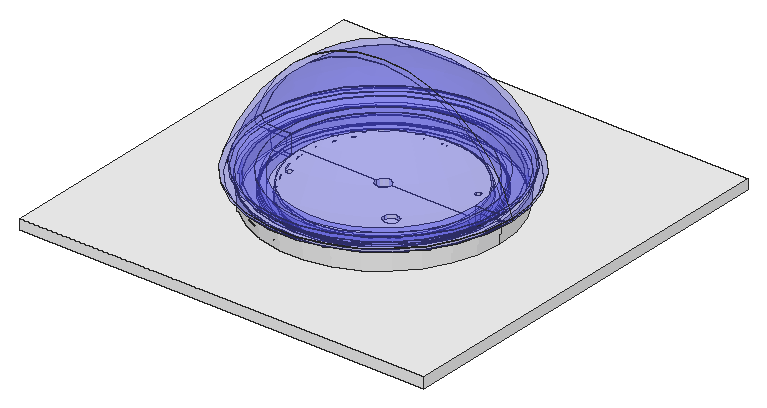
Revit family "BE_50658_de_DE", category Leuchten, Revit 2020
Family settings
  Basisbauteil = Fläche
  Bemaßung runder Anschluss = Durchmesser verwenden
  Teiletyp = Normal
  Beim Laden mit Abzugskörper schneiden = Ja
  Lichtquelle = Ja
  Gemeinsam genutzt = Nein
  Raumberechnungspunkt = Ja
Parameters (values of type "BEGA_50658_K3")
  built-in parameter 1150104 = 14.93 (stored number, unit not read)
  Wattage = 11.2 W
  Default Elevation = 0 mm
  built-in parameter 1150113 = 1 (stored number, unit not read)
  built-in parameter 1114218 = 1 (stored number, unit not read)
  Umgebungstemperatur = "25 °C"
  URL = "https://www.bega.com/de/produkt/50658"
  Typenkommentare = "© 2022 BEGA. Wir behalten uns das Recht vor, technische Änderungen ohne vorherige Ankündigung vorzunehmen."  # constant formula
  built-in parameter 1150134 = (empty or 0)
  built-in parameter 1150109 = 1 (stored number, unit not read)
  Strom = ""
  built-in parameter 1150110 = 1 (stored number, unit not read)
  Spannung = 239.996 V
  Sonderanfertigung = no
  Seriennummer [instance] = "Hier können Sie die eindeutige Seriennummer für das Facility Management eintragen."
  Schutzklasse = "I"
  Schutzart = "IP 44"
  Scheinlast = 0 VA
  Produktdatenblatt = "https://cdn.bega.com/bega/products/50658K27/current/documents/data-sheets/de"
  Oberflächentemperatur = ""
  Neigungswinkel = 0.00°
  Modell = "50658K3"
  Material_34 = BEGA_Oberfläche_Samtweiss_matt
  Material_11 = BEGA_Glas_opal
  M_W = no
  M_G = no
  M_A = no
  Logo = 0
  built-in parameter 1114217 = 1 (stored number, unit not read)
  built-in parameter 1150139 = (empty or 0)
  built-in parameter 1150105 = 1800 (stored number, unit not read)
  built-in parameter 1150114 = 1 (stored number, unit not read)
  Lumens = 1799.95 lm
  built-in parameter 1150115 = 1 (stored number, unit not read)
  Leuchtenlichtstrom = "1203 lm"
  Leuchtenanzahl = ""
  Lebensdauerkriterien = "L70B50 @ 25 °C = 200000 h"
  Lastklassifizierung = Beleuchtung
  built-in parameter 1150112 = 1 (stored number, unit not read)
  Lampenlichtstrom = "1800 lm"
  Lampe = "LED 11.2 W"
  LED_Modulbezeichnung = "4x LED-0264/930"
  Hersteller = "BEGA"  # constant formula
  Halbstreuwinkel = ""
  Gewicht = "1.7 kg"
  Gebrauchslageneinschränkung [instance] = ""
  Frequenz = "0/50-60 Hz"
  Farbwiedergabeindex = "CRI > 90"
  Farbtemperaturverschiebung bei Dämpfen der Lampe = <Keine Auswahl>
  Farbtemperatur = "3000 K"
  Color Filter = 16777215
  built-in parameter 1150133 = 10 (stored number, unit not read)
  Energieeffizienzklasse = "LED A++ - A"
  built-in parameter 1150137 = (empty or 0)
  built-in parameter 1150132 = (empty or 0)
  ENEC = "ja"
  Dimmbar [instance] = "on/off"
  Datei für fotometrisches Netz = "BE_50658K3.IES"
  CE_Konformität = "ja"
  Bestellnummer = "50658K3"
  Beschreibung_Sonderanfertigung = "Hier können Sie Informationen zur Sonderanfertigung eintragen."
  Beschreibung = "Decken- und Wandleuchte"
  built-in parameter 1150106 = 18 (stored number, unit not read)
  Befestigungsbohrung = "Ø 5,5 mm"
  Befestigungsabstand = "150 mm"
  Ballwurfsicher = ""
  BEGA_Intern_aus = yes
  BEGA_Intern_an = yes
  BEGA_Intern_Konstruktion = yes
  BEGA_Intern = yes
  BEGA_IES = yes
  BEGA_Dummy = no
  Anschlussleitung = ""
  Anschlussleistung [instance] = "13.4 W"
  Anschlusskasten = ""
  built-in parameter 1150107 = 3000 (stored number, unit not read)
  built-in parameter 1150102 = (empty or 0)
  built-in parameter 1150138 = (empty or 0)
  Aktualisierung = "2022-11-01T04:00:04"
  Abstand_zur_angestrahlten_Fläche [instance] = ""
  AC/DC = "AC/DC"
Types (2, lengths in mm): name | built-in parameter 1150104 | Modell | built-in parameter 1150105 | Lumens | Leuchtenlichtstrom | Lampenlichtstrom | LED_Modulbezeichnung | Farbtemperatur | Datei für fotometrisches Netz | Bestellnummer | built-in parameter 1150106 | built-in parameter 1150107
  BEGA_50658_K27 | 14.765 (stored number, unit not read) | "50658K27" | 141.65 (stored number, unit not read) | 1780.02 lm | "1189 lm" | "1780 lm" | "4x LED-0264/927" | "2700 K" | "BE_50658K27.ies" | "50658K27" | 1.4165 (stored number, unit not read) | 2700 (stored number, unit not read)
  BEGA_50658_K3 | 14.93 (stored number, unit not read) | "50658K3" | 1800 (stored number, unit not read) | 1799.95 lm | "1203 lm" | "1800 lm" | "4x LED-0264/930" | "3000 K" | "BE_50658K3.IES" | "50658K3" | 18 (stored number, unit not read) | 3000 (stored number, unit not read)
Reference planes
  plane 1 "Mitte (Vorne/Hinten)": y = 0
  plane 2: z = 0
  plane 3 "Mitte (Links/Rechts)": x = 0
  plane 4 "Links": x = -127.385
  plane 5 "Rechts": x = 127.385
  plane 6 "Unten": y = -127.355
  plane 7 "Oben": y = 127.355
  plane 8 "Vorne": z = 123.384
  plane 9 "Hinten": z = 0
Forms (mm)
  Extrusion 1, solid, material "BEGA_Platte_Weiss"
    sketch origin (0, -1119.2, 0) x (1, 0, 0) y (0, 1, 0)
      loop
        line (-200, 1319.2) -> (-200, 919.2) -> (200, 919.2) -> (200, 1319.2) -> (-200, 1319.2)
    from 0 to -10
  Extrusion 2, solid, material "BEGA_Dummy_matt", visible <- "BEGA_Dummy"
    sketch origin (77.149, -76.023, 0) x (1, 0, 0) y (0, 1, 0)
      loop
        circle (-77.149, 76.023) r 127.385
    from 0 to 123.384
Dimensions and locks
  plane 1 "Mitte (Vorne/Hinten)" to Extrusion 1 = 200 mm
  aligned and locked: Extrusion 1 to plane 2
  aligned and locked: level to Extrusion 1
Nested families
  nested 1: "BE_50658_Leuchte" at (0, 0, 0), type "BE_50658_Leuchte"
Connectors
  electrical at (0, 0, 0), driven by "Lastklassifizierung", driven by "Spannung", driven by "Scheinlast"
    settings: index 1, voltage 239.996 V, apparent load 0 VA, apparent load phase1 0 VA, apparent load phase2 0 VA, apparent load phase3 0 VA, power factor 1, load classification "Beleuchtung", number of poles 1, system type 31, power factor state 1, is connector primary yes, connector utility no, sub classification motor no, connector description ""
Definition of nested family "BE_50658_Leuchte"
  Parameters (values of type "BE_50658_Leuchte")
    Default Elevation = 1 mm
    URL = "http://www.bega.de/de/produkt"
    Type Comments = "© 2015 BEGA. Wir behalten uns das Recht vor, technische Änderungen ohne vorherige Ankündigung vorzunehmen. "  # constant formula
    Type Image = (empty or 0)
    Material_34 = none
    Material_11 = none
    Länge_Platte = 200 mm  # constant formula
    Höhe_Platte = -10 mm  # constant formula
    Manufacturer = "BEGA"  # constant formula
    Breite_Platte = 200 mm  # constant formula
  Reference planes
    plane 1 "Mitte (Oben/Unten)": y = 0
    plane 2: z = 0
    plane 3 "Mitte (Links/Rechts)": x = 0
    plane 4: z = 123.384
    plane 5: z = 0
    plane 6: x = 127.385
    plane 7: x = -127.385
    plane 8: y = 127.355
    plane 9: y = -127.355
  Forms (mm)
    Extrusion 1, solid, detail levels medium
      sketch origin (0, 0, 0) x (1, 0, 0) y (0, 1, 0)
        loop
          line (-100, 100) -> (-100, -100) -> (100, -100) -> (100, 100) -> (-100, 100)
      from 0 to -10 <- "Höhe_Platte"
    Revolve 2, solid, material <- "Material_34"
      sketch origin (0, 0, 0) x (1, 0, 0) y (0, 0, 1)
        loop
          line (116.032, 20) -> (112.559, 20) -> (112.034, 4.967)
          arc (112.034, 4.967) -> (111.73, 4.281) -> (111.034, 4) r 1
          line (111.034, 4) -> (85.949, 4)
          arc (85.949, 4) -> (85.261, 4.275) -> (84.95, 4.948) r 1
          line (84.95, 4.948) -> (84.536, 12.852)
          arc (84.536, 12.852) -> (84.226, 13.525) -> (83.537, 13.8) r 1
          line (83.537, 13.8) -> (7.5, 13.8) -> (7.5, 7.3) -> (0, 7.3) -> (0, 3.8) -> (12.5, 3.8) -> (12.65, 8.101)
          arc (12.65, 8.101) -> (13.563, 10.157) -> (15.648, 11) r 3
          line (15.648, 11) -> (79.931, 11)
          arc (79.931, 11) -> (81.308, 10.451) -> (81.929, 9.105) r 2
          line (81.929, 9.105) -> (82.194, 4.043)
          arc (82.194, 4.043) -> (83.125, 2.024) -> (85.19, 1.2) r 3
          line (85.19, 1.2) -> (112.01, 1.2) -> (112.01, 0) -> (114.662, 0) -> (115.28, 17.71) -> (116.032, 17.987) -> (116.032, 20)
        axis (0, 0) -> (0, 20)
      angle from 0 to 360
    Extrusion 3, void
      sketch origin (0, 0, 0) x (1, 0, 0) y (0, 1, 0)
        loop
          circle (67.973, 31.696) r 2.75
        loop
          circle (-67.973, -31.696) r 2.75
      from 10.996 to 13.8
    Extrusion 4, void
      sketch origin (0, 0, 0) x (1, 0, 0) y (0, 1, 0)
        loop
          circle (40, -41) r 7.197
      from 10.92 to 13.8
    Revolve 5, solid, material <- "Material_11"
      sketch origin (0, 0, 0) x (1, 0, 0) y (0, 0, 1)
        loop
          line (0, 123.341) -> (0, 118.341)
          arc (0, 118.341) -> (73.705, 94.765) -> (120.045, 32.791) r 127
          arc (120.045, 32.791) -> (120.249, 30.328) -> (119.248, 28.067) r 5
          arc (119.248, 28.067) -> (117.62, 26.72) -> (115.581, 26.166) r 5
          line (115.581, 26.166) -> (99.828, 25.341) -> (91, 25.341) -> (91, 6.841) -> (98.5, 6.841) -> (98.5, 10.403)
          arc (98.5, 10.403) -> (98.293, 11.012) -> (97.759, 11.369) r 1
          line (97.759, 11.369) -> (96.741, 11.642)
          arc (96.741, 11.642) -> (96.207, 11.999) -> (96, 12.608) r 1
          line (96, 12.608) -> (96, 20) -> (109.5, 20) -> (109.5, 20.841) -> (123.547, 21.577)
          arc (123.547, 21.577) -> (126.589, 23.241) -> (127.188, 26.655) r 4
          arc (127.188, 26.655) -> (79.883, 96.425) -> (0, 123.341) r 132
        axis (0, 6.841) -> (0, 123.341)
      angle from 0 to 360
  Cuts and joins
    Extrusion 3, Extrusion 4 cuts Revolve 2
  Dimensions and locks
    equal spacing: Extrusion 1 sketch curve, plane 3 "Mitte (Links/Rechts)", Extrusion 1 sketch curve
    equal spacing: Extrusion 1 sketch curve, plane 1 "Mitte (Oben/Unten)", Extrusion 1 sketch curve
    "Länge_Platte": Extrusion 1 sketch curve to Extrusion 1 sketch curve
    "Breite_Platte": Extrusion 1 sketch curve to Extrusion 1 sketch curve
    plane 1 "Mitte (Oben/Unten)" to Extrusion 1 = 100 mm  (x3)
    aligned and locked: plane 2 to Extrusion 1
    aligned and locked: level to Extrusion 1
  Automatic sketch dimensions
    Revolve 2 sketch curve to plane 3 "Mitte (Links/Rechts)" = 0 mm  (x2)
    Revolve 2 sketch curve to level = 0 mm
    plane 3 "Mitte (Links/Rechts)" to Revolve 2 sketch curve = 7.5 mm
    Revolve 2 sketch curve to Revolve 2 sketch curve = 5 mm
    Revolve 2 sketch curve to Revolve 2 sketch curve = 0.15 mm
    Revolve 2 sketch curve to Revolve 2 sketch curve = 2.998 mm
    level to Revolve 2 sketch curve = 9 mm
    Revolve 2 sketch curve to Revolve 2 sketch curve = 64.283 mm
    Revolve 2 sketch curve to Revolve 2 sketch curve = 3.606 mm
    Revolve 2 sketch curve to Revolve 2 sketch curve = 5.258 mm
    Revolve 2 sketch curve to Revolve 2 sketch curve = 0.759 mm  (x2)
    level to Revolve 2 sketch curve = 5 mm
    Revolve 2 sketch curve to Revolve 2 sketch curve = 25.085 mm
    level to Revolve 2 sketch curve = 1.2 mm
    Revolve 2 sketch curve to Revolve 2 sketch curve = 0.976 mm
    level to Revolve 2 sketch curve = 4.967 mm
    Revolve 2 sketch curve to Revolve 2 sketch curve = 0.999 mm  (x2)
    level to Revolve 2 sketch curve = 17.71 mm
    Revolve 2 sketch curve to Revolve 2 sketch curve = 3.247 mm
    level to Revolve 2 sketch curve = 17.987 mm
    Revolve 2 sketch curve to Revolve 2 sketch curve = 0.752 mm
    level to Revolve 2 sketch curve = 3.8 mm
    Revolve 2 sketch curve to Revolve 2 sketch curve = 2.8 mm
    Revolve 2 sketch curve to Revolve 2 sketch curve = 0.2 mm
    Revolve 2 sketch curve to Revolve 2 sketch curve = 1 mm  (x2)
    Revolve 2 sketch curve to Revolve 2 sketch curve = 3.5 mm
    Revolve 2 sketch curve to Revolve 2 sketch curve = 4.2 mm
    Revolve 2 sketch curve to Revolve 2 sketch curve = 0.101 mm
    Revolve 2 sketch curve to Revolve 2 sketch curve = 3.8 mm
    Revolve 2 sketch curve to Revolve 2 sketch curve = 0 mm  (x13)
    Revolve 2 sketch curve to Revolve 2 sketch curve = 1.997 mm
    level to Revolve 2 sketch curve = 9.105 mm
    level to Revolve 2 sketch curve = 4.043 mm
    Revolve 2 sketch curve to Revolve 2 sketch curve = 2.996 mm
    level to Revolve 2 sketch curve = 12.852 mm
    level to Revolve 2 sketch curve = 4.948 mm
    Revolve 2 sketch curve to Revolve 2 sketch curve = 0.239 mm
    Revolve 2 sketch curve to Revolve 2 sketch curve = 2.722 mm
    Revolve 2 sketch curve to Revolve 2 sketch curve = 2.652 mm
    Revolve 2 sketch curve to Revolve 2 sketch curve = 2.013 mm
    Revolve 2 sketch curve to level = 609.6 mm
    Revolve 2 sketch curve to Revolve 2 sketch curve = 2589.058 mm
    plane 1 "Mitte (Oben/Unten)" to Extrusion 3 sketch curve = 31.696 mm
    Extrusion 3 sketch curve to plane 3 "Mitte (Links/Rechts)" = 67.973 mm
    Extrusion 3 sketch curve to plane 1 "Mitte (Oben/Unten)" = 31.696 mm
    plane 3 "Mitte (Links/Rechts)" to Extrusion 3 sketch curve = 67.973 mm
    plane 3 "Mitte (Links/Rechts)" to Revolve 5 sketch curve = 0 mm
    Revolve 5 sketch curve to Revolve 5 sketch curve = 0 mm  (x11)
    plane 3 "Mitte (Links/Rechts)" to Revolve 5 sketch curve = 91 mm
    Revolve 5 sketch curve to Revolve 5 sketch curve = 5 mm
    Revolve 5 sketch curve to Revolve 5 sketch curve = 3.828 mm
    Revolve 5 sketch curve to Revolve 5 sketch curve = 8.019 mm
    Revolve 5 sketch curve to Revolve 5 sketch curve = 5.341 mm
    level to Revolve 5 sketch curve = 6.841 mm
    Revolve 5 sketch curve to level = 8.659 mm
    Revolve 5 sketch curve to Revolve 5 sketch curve = 5.571 mm
    Revolve 5 sketch curve to Revolve 5 sketch curve = 5.588 mm
    level to Revolve 5 sketch curve = 118.341 mm
    Revolve 5 sketch curve to Revolve 5 sketch curve = 2.5 mm
    level to Revolve 5 sketch curve = 20.841 mm
    Revolve 5 sketch curve to Revolve 5 sketch curve = 9.672 mm
    Revolve 5 sketch curve to Revolve 5 sketch curve = 0.262 mm
    level to Revolve 5 sketch curve = 26.166 mm
    Revolve 5 sketch curve to Revolve 5 sketch curve = 6.081 mm
    Revolve 5 sketch curve to Revolve 5 sketch curve = 3.668 mm
    Revolve 5 sketch curve to Revolve 5 sketch curve = 0.797 mm
    Revolve 5 sketch curve to Revolve 5 sketch curve = 0.209 mm
    level to Revolve 5 sketch curve = 21.577 mm
    Revolve 5 sketch curve to Revolve 5 sketch curve = 3.85 mm
    Revolve 5 sketch curve to Revolve 5 sketch curve = 0.841 mm
    Revolve 5 sketch curve to Revolve 5 sketch curve = 5.767 mm
    Revolve 5 sketch curve to Revolve 5 sketch curve = 2.205 mm
    Revolve 5 sketch curve to Revolve 5 sketch curve = 1 mm  (x2)
    Revolve 5 sketch curve to Revolve 5 sketch curve = 0.259 mm  (x2)
    level to Revolve 5 sketch curve = 11.642 mm
    level to Revolve 5 sketch curve = 11.369 mm
    Revolve 5 sketch curve to plane 3 "Mitte (Links/Rechts)" = 0 mm
    radius of Extrusion 3 sketch curve = 2.75 mm  (x2)
